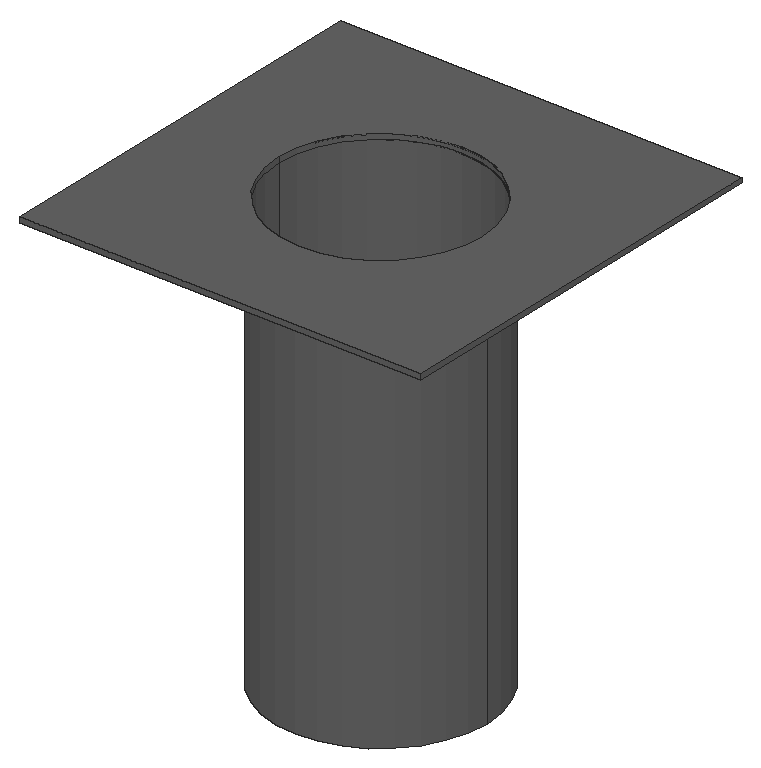
Revit family "Roofing-Aquaknight-Butynol_Dropper_DN150", category Plumbing Fixtures, Revit 2016
Family settings
  Part Type = Normal
  Round Connector Dimension = Use Diameter
  OmniClass Number = 23.60.30.11
  OmniClass Title = Pipework Products for General Use
  Work Plane-Based = No
  Always vertical = Yes
  Cut with Voids When Loaded = No
  Shared = No
  Room Calculation Point = No
Parameters (values of type "DN150")
  Width = 277.00 mm
  URL = "www.aquaknight.co.nz"
  Pipe Joint Location = 150.00 mm
  Phone = "+6498322214"  # constant formula
  Model = "2100.109"
  Max Weir Flow = 12.16 L/s
  Manufacturer = "Aquaknight Industries Ltd"  # constant formula
  Length = 300.00 mm
  Flow [instance] = 12.16 L/s
  Extrusion End = 3.50 mm
  Email = "info@aquaknight.co.nz"  # constant formula
  Drain Radius = Drain Diameter / 2  # 73.75 mm
  Drain Interior Radius = Drain Interior Diameter / 2  # 70.25 mm
  Drain Interior Diameter = 140.50 mm
  Drain Diameter = 147.50 mm
  Description = "Butynol Dropper 300x150"
  Depth = 277.00 mm
  DN = 150
  Connector Diameter = 148.00 mm
  400mm Head Flow = 0.0 L/s
  250mm Head Flow = 0.0 L/s
Reference planes
  plane 1 "Center (Front/Back)": y = 0
  plane 2: z = 0
  plane 3 "Center (Left/Right)": x = 0
  plane 4: x = -138.5
  plane 5: x = 138.5
  plane 6: y = 138.5
  plane 7: y = -138.5
  plane 8: z = -296.5
  plane 9: z = -150
  plane 10: z = 3.5
Forms (mm)
  Extrusion 1, solid, material "Aquanight-MDPE"
    sketch origin (0, 0, 0) x (1, 0, 0) y (0, 1, 0)
      loop
        line (-138.5, 138.5) -> (-138.5, -138.5) -> (138.5, -138.5) -> (138.5, 138.5) -> (-138.5, 138.5)
      loop
        circle (0, 0) r 70.25
    from 0 to 3.5
  Extrusion 2, solid, material "Aquanight-MDPE"
    sketch origin (0, 0, 0) x (1, 0, 0) y (0, 1, 0)
      loop
        circle (0, 0) r 70.25
      loop
        circle (0, 0) r 73.75
    from 0 to -296.5
Dimensions and locks
  equal spacing: plane 6, plane 1 "Center (Front/Back)", plane 7
  equal spacing: plane 4, plane 3 "Center (Left/Right)", plane 5
  "Depth": plane 6 to plane 7
  "Width": plane 4 to plane 5
  "Length": plane 10 to plane 8
  "Pipe Joint Location": level to plane 9
  locked: connector elem to plane 3 "Center (Left/Right)" at 0
  locked: connector elem to plane 1 "Center (Front/Back)" at 0
  "Extrusion End": plane 10 to level
  "Drain Interior Radius": radius of Extrusion 1 sketch curve
  "Drain Interior Radius": radius of Extrusion 2 sketch curve
  "Drain Radius": radius of Extrusion 2 sketch curve
  aligned and locked: level to plane 2
  aligned and locked: Extrusion 1 sketch curve to plane 4
  aligned and locked: Extrusion 1 sketch curve to plane 6
  aligned and locked: Extrusion 1 sketch curve to plane 5
  aligned and locked: Extrusion 1 sketch curve to plane 7
  aligned and locked: plane 1 "Center (Front/Back)" to Extrusion 1 sketch curve
  aligned and locked: plane 3 "Center (Left/Right)" to Extrusion 1 sketch curve
  aligned and locked: Extrusion 2 to plane 8
  aligned and locked: Extrusion 1 to plane 10
Automatic sketch dimensions
  Extrusion 2 sketch curve to Extrusion 2 sketch curve = 0.00 mm  (x2)
  plane 1 "Center (Front/Back)" to Extrusion 2 sketch curve = 0.00 mm
  Extrusion 2 sketch curve to plane 3 "Center (Left/Right)" = 0.00 mm
Connectors
  piping at (0, 0, -150), diameter 148, driven by "Flow", driven by "Connector Diameter"
    settings: on plane 9, index 2, connector inside diameter 609.6 mm, connector length 0.00 mm, flow factor 0, pipe flow 12.16 L/s, pressure drop 0.0 Pa, fitting loss kfactor 0, connector angle 0.00°, fixture units 0, engagement length 0.00 mm, angle of deflection 0.00°, flow configuration 1, flow direction 2, fitting loss method 0, system type 28, joint type 0, gender type 0, connector reference index -1, connector utility 0, adjustable connector no, is connector primary yes, connector description ""
